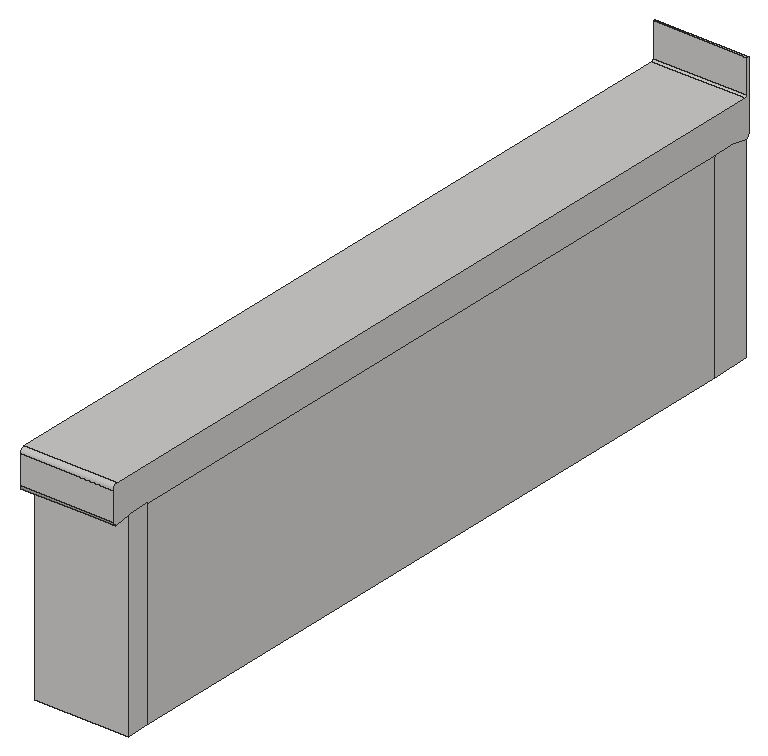
Revit family "QF_ELECTROLUXPROFESSIONAL_588560_MBNABBAOOO", category Attrezzature speciali, Revit 2020
Family settings
  Quota connettore circolare = Usa diametro
  Tipo di parte = Normale
  Basato su piano di lavoro = No
  Sempre verticale = Sì
  Taglio con vuoti quando caricato = No
  Condiviso = No
  Punto di calcolo locali = No
Parameters (values of type "Standard")
  Weight = 10.00 kg
  Watts = 0 W
  Volts = 0 V
  URL Manufacturer = "https://www.electroluxprofessional.com/"
  URL = "https://www.electroluxprofessional.com/"
  Steam Supply Size = 0"
  Steam Supply Minimum Pressure = 0.00 psi
  Steam Supply Maximum Pressure = 0.00 psi
  Steam Consumption per Hour = 0
  Refrigeration Suction Line Size = 0 mm
  Refrigeration Liquid Line Size = 0 mm
  Refrigerant Compressor Remote = yes
  Prospetto di default = 0 mm
  Phase = 0
  Modello = "MBNABBAOOO"
  Produttore = "Electrolux Professional"
  Length Actual = 100 mm  # constant formula
  Item Number = "588560"
  Hot Water Size = 0"
  Height Actual = 250 mm  # constant formula
  HP = "0 HP"
  Gas Size = 0"
  Gas KW = 0
  Gas Input Pressure = 0.0 Btu/h
  Direct Waste Size = 0"
  Descrizione = "WORK TOP,CLOSED,1-S,BACKSPL,100X850X250H"
  Depth Actual = 850 mm  # constant formula
  Cycle = 0 Hz
  Condensate Return Size = 0"
  Compressed Air Volume = 0 GPM
  Compressed Air Size = 0"
  Compressed Air Pressure = 0.00 psi
  Cold Water Size = 0"
  Accessory = yes
Reference planes
  plane 1 "BACK": y = 0
  plane 2: z = 0
  plane 3 "LEFT": x = 0
  plane 4 "RIGHT": x = 100
  plane 5 "FRONT": y = -850
  plane 6 "PLAIN": z = 900
  plane 7 "Center (Left/Right)": x = 50
  plane 8 "Center (Front/Back)": y = -425
  plane 9 "Grill": z = 888
  plane 10 "BASE": z = 650
  plane 11 "TOP": z = 938
  plane 12: x = -15
Forms (mm)
  Extrusion 1, solid, material "QF_Finishes_Stainless Steel"
    sketch origin (0, 0, 650) x (0, 1, 0) y (0, 0, 1)
      loop
        line (0, 288) -> (-2, 288) -> (-2, 252)
        arc (-2, 252) -> (-2.586, 250.586) -> (-4, 250) r 2
        line (-4, 250) -> (-845, 250)
        arc (-845, 250) -> (-848.536, 248.536) -> (-850, 245) r 5
        line (-850, 245) -> (-850, 214)
        arc (-850, 214) -> (-848.571, 210.936) -> (-845.305, 210.061) r 4
        line (-845.305, 210.061) -> (-830, 212.969) -> (-20, 212.969) -> (-4.695, 210.061)
        arc (-4.695, 210.061) -> (-1.429, 210.936) -> (0, 214) r 4
        line (0, 214) -> (0, 288)
    from 0 to 100
  Extrusion 2, solid, material "QF_Finishes_Stainless Steel"
    sketch origin (50, 296.4, 1869.2) x (0, 1, 0) y (0, 0, 1)
      loop
        line (-299.4, -1009.461) -> (-316.4, -1006.231) -> (-341.4, -1006.231) -> (-341.4, -1219.2) -> (-299.4, -1219.2) -> (-299.4, -1009.461)
    from -50 to 50
  Extrusion 3, solid, material "QF_Finishes_Stainless Steel"
    sketch origin (0, 0, 650) x (0, 1, 0) y (0, 0, 1)
      loop
        line (-45, 212.969) -> (-805, 212.969) -> (-805, 0) -> (-45, 0) -> (-45, 212.969)
    from 0 to 100
  Extrusion 4, solid, material "QF_Finishes_Stainless Steel"
    sketch origin (0, 0, 0) x (0, 1, 0) y (0, 0, 1)
      loop
        line (-805, 862.969) -> (-830, 862.969) -> (-830, 650) -> (-805, 650) -> (-805, 862.969)
    from 0 to 100
Lines and regions (mm)
  symbolic lines
    curve 1: line (0, -850, 0) -> (0, 0, 0)
    curve 2: line (0, -850, 888) -> (100, -850, 888)
    curve 3: line (100, 0, 888) -> (0, 0, 888)
    curve 4: line (100, -850, 888) -> (100, 0, 888)
    curve 5: line (100, -2, 888) -> (0, -2, 888)
Dimensions and locks
  plane 3 "LEFT" to plane 4 "RIGHT" = 100 mm
  plane 5 "FRONT" to plane 1 "BACK" = 850 mm
  equal spacing: plane 3 "LEFT", plane 7 "Center (Left/Right)", plane 4 "RIGHT"
  equal spacing: plane 5 "FRONT", plane 8 "Center (Front/Back)", plane 1 "BACK"
  locked: plane 6 "PLAIN" to level at 900
  plane 6 "PLAIN" to plane 10 "BASE" = 250 mm
  plane 11 "TOP" to plane 6 "PLAIN" = 38 mm
  locked: plane 12 to plane 4 "RIGHT" at 115
  aligned and locked: level to plane 2
  aligned and locked: Extrusion 4 to plane 3 "LEFT"
  aligned and locked: Extrusion 4 to plane 4 "RIGHT"
  aligned and locked: plane 3 "LEFT" to Extrusion 2
  aligned and locked: Extrusion 2 to plane 4 "RIGHT"
  aligned and locked: Extrusion 3 to plane 4 "RIGHT"
  aligned and locked: Extrusion 3 to plane 3 "LEFT"
  aligned and locked: Extrusion 1 to plane 3 "LEFT"
  aligned and locked: Extrusion 1 to plane 4 "RIGHT"
Automatic sketch dimensions
  plane 1 "BACK" to curve 1 = 0 mm
  curve 1 to plane 3 "LEFT" = 0 mm
  plane 5 "FRONT" to curve 1 = 0 mm
  Extrusion 1 sketch curve to plane 5 "FRONT" = 0 mm
  Extrusion 1 sketch curve to plane 6 "PLAIN" = 0 mm
  Extrusion 1 sketch curve to plane 11 "TOP" = 0 mm
  Extrusion 1 sketch curve to plane 1 "BACK" = 0 mm
  Extrusion 1 sketch curve to Extrusion 1 sketch curve = 4 mm
  Extrusion 1 sketch curve to Extrusion 1 sketch curve = 0.695 mm
  Extrusion 1 sketch curve to Extrusion 1 sketch curve = 5 mm
  Extrusion 1 sketch curve to Extrusion 1 sketch curve = 15.305 mm
  plane 1 "BACK" to Extrusion 1 sketch curve = 20 mm
  plane 1 "BACK" to Extrusion 1 sketch curve = 4.695 mm
  plane 1 "BACK" to Extrusion 1 sketch curve = 4 mm  (x2)
  plane 1 "BACK" to Extrusion 1 sketch curve = 2 mm
  Extrusion 1 sketch curve to plane 9 "Grill" = 24 mm  (x2)
  Extrusion 1 sketch curve to Extrusion 1 sketch curve = 2.909 mm
  Extrusion 2 sketch curve to plane 10 "BASE" = 0 mm
  plane 1 "BACK" to Extrusion 2 sketch curve = 45 mm
  plane 1 "BACK" to Extrusion 2 sketch curve = 20 mm
  plane 1 "BACK" to Extrusion 2 sketch curve = 3 mm
  Extrusion 2 sketch curve to plane 9 "Grill" = 28.261 mm
  Extrusion 2 sketch curve to plane 9 "Grill" = 25.031 mm
  Extrusion 3 sketch curve to plane 10 "BASE" = 0 mm
  Extrusion 3 sketch curve to plane 5 "FRONT" = 45 mm
  plane 1 "BACK" to Extrusion 3 sketch curve = 45 mm
  Extrusion 3 sketch curve to plane 9 "Grill" = 25.031 mm
  curve 2 to plane 4 "RIGHT" = 0 mm
  plane 5 "FRONT" to curve 2 = 0 mm
  curve 5 to plane 3 "LEFT" = 0 mm
  plane 1 "BACK" to curve 4 = 0 mm
  curve 3 to plane 3 "LEFT" = 0 mm
  curve 2 to plane 3 "LEFT" = 0 mm
  curve 5 to curve 3 = 2 mm
  Extrusion 4 sketch curve to plane 10 "BASE" = 0 mm
  Extrusion 4 sketch curve to plane 5 "FRONT" = 20 mm
  Extrusion 4 sketch curve to Extrusion 4 sketch curve = 25 mm
  Extrusion 4 sketch curve to plane 9 "Grill" = 25.031 mm
